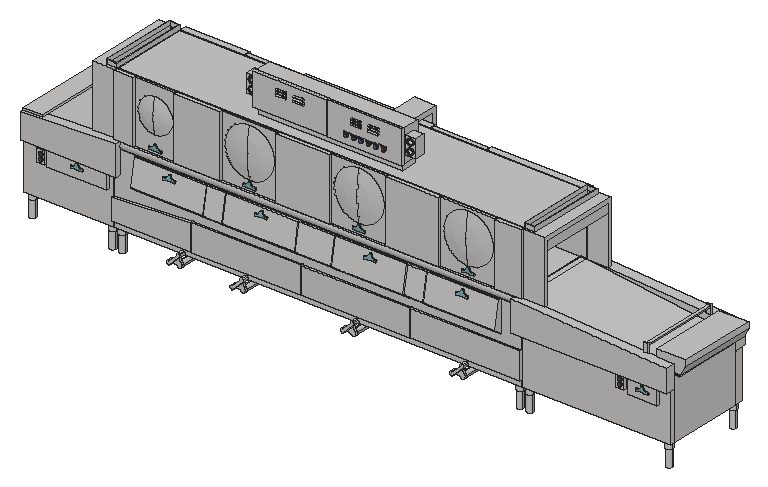
Revit family
Parameters (values of type "208/60/3")
  Weight in Pounds = 0
  Waste Water Discharge Temperature [instance] = -459.67 °F
  Volts = 208 V
  Ventilation Remarks [instance] = ""
  Unload Ventilation Remarks [instance] = ""
  Unload Section Width [instance] = if(Custom Unload Width > 5' 0", Custom Unload Width, 5' 0")  # 5' - 0"
  Unload Removable Cover [instance] = yes
  Unload Exhaust Volume = 1000 CFM
  Unload Exhaust Vent Width = 0' - 4"
  Unload Exhaust Vent Depth = 2' - 7 1/4"
  Unload Exhaust Static Press [instance] = 0.00 in-wg
  Unload Exhaust RI Height [instance] = 0' - 0"
  Unload Exhaust Item Number [instance] = "-"
  Unload End Drain [instance] = no
  URL Cutsheet = ""
  URL = "www.stero.com"
  Swing Doors [instance] = no
  Steam Supply Volume [instance] = 0.00 GPM
  Steam Supply Size = 2"
  Steam Supply RI Height [instance] = 0' - 0"
  Steam Supply Minimum Pressure = 15.00 psi
  Steam Supply Maximum Pressure = 40.00 psi
  Steam Supply Connection Height = 0' - 6"
  Steam Pounds per Hour [instance] = if(Booster Heater, 405, 225)  # 225
  Status [instance] = ""
  Standard Doors [instance] = not(Swing Doors)  # yes
  Specification by User [instance] = ""
  Specification by Manufacturer [instance] = ""
  Serial Number [instance] = ""
  Seismic Rating [instance] = ""
  Revision Code [instance] = ""
  Power Wash Width = 3' - 8"  # constant formula
  Power Wash Door [instance] = if(Swing Doors, 3' 0", 1' 10 1/2")  # 1' - 10 1/2"
  Power Scrapper Width = 2' - 8"  # constant formula
  Power Scrapper Door [instance] = if(Swing Doors, 1' 6", 1' 4 1/4")  # 1' - 4 1/4"
  Power Rinse Door [instance] = if(Swing Doors, 3' 0", 1' 10 1/2")  # 1' - 10 1/2"
  Plumbing Remarks [instance] = ""
  Plumbing Connection Type [instance] = ""
  Phase = 3
  ONOFF Switch [instance] = if([30 inch Load], 0' 0", 0' 6")  # 0' - 6"
  Number of Poles [instance] = 3
  No Booster Heater [instance] = not(Booster Heater)  # yes
  NAFEM Spec ID Number [instance] = ""
  Model = "STPCW-ER 164S"
  Mechanical Remarks [instance] = ""
  Mechanical Connection Type [instance] = ""
  Masterspec [instance] = ""
  Manufacturer = "Stero"
  Load Section Width [instance] = if([30 inch Load], 2' 6 1/8", if([36 inch Load], 3' 0 1/8", if([48 inch Load], 4' 0 1/8", (Custom Load Width + 0' 0 1/8"))))  # 3' - 0 1/8"
  Load End Drain [instance] = not(Unload End Drain)  # yes
  Item Number [instance] = "-"
  Installed By [instance] = ""
  Indirect Waste Size = 2"
  Indirect Waste Flow [instance] = 0.00 GPM
  Indirect Waste Connection Type [instance] = ""
  Indirect Waste Connection Height = 0' - 7"
  Hot Water Temperature = 140 °F
  Hot Water Size = 1"
  Hot Water RI Height [instance] = 0' - 0"
  Hot Water Minimum Pressure = 20.00 psi
  Hot Water Maximum Pressure = 20.00 psi
  Hot Water Flow [instance] = 0.00 GPM
  Hot Water Consumption = 1.63 GPM
  Hot Water Connection Height = 0' - 6"
  HP = "11"
  Furnished By [instance] = ""
  Foodservice Equipment Identifier [instance] = yes
  Final Rinse Width = 3' - 8"  # constant formula
  Final Rinse 2 Width = 3' - 8"  # constant formula
  FL Amps = 43.1 A
  Exhaust Volume = 500 CFM
  Exhaust Vent Width = 0' - 4"
  Exhaust Vent Depth = 2' - 7 1/4"
  Exhaust Static Press [instance] = 0.00 in-wg
  Exhaust RI Height [instance] = 0' - 0"
  Electrical Remarks [instance] = ""
  Electric Connection Type [instance] = ""
  Elec Conn RI Height [instance] = 0' - 0"
  Elec Conn Connection Height = 6' - 6"
  Description = "Flight Type Dishwasher"
  Depth = 3' - 6"
  Cycle = 60 Hz
  Custom Unload Width [instance] = 5' - 0"
  Custom Load Width [instance] = 4' - 6"
  Conn Conduit = yes
  Condensate Return Size = 3/4"
  Condensate Return RI Height [instance] = 0' - 0"
  Condensate Return Connection Height = 0' - 6"
  Cold Water Temperature Recommended [instance] = -459.67 °F
  Cold Water Size [instance] = if(Cold Water Aqua Stat, 0' 0 3/4", 0' 0")  # 0"
  Cold Water RI Height [instance] = 0' - 0"
  Cold Water Minimum Pressure [instance] = 0.00 psi
  Cold Water Maximum Pressure [instance] = 0.00 psi
  Cold Water Flow [instance] = 0.00 GPM
  Cold Water Consumption [instance] = ""
  Cold Water Connection Height [instance] = if(Cold Water Aqua Stat, 0' 6", 0' 0")  # 0' - 0"
  Cold Water Aqua Stat [instance] = no
  CSI MasterFormat = "11 48 13"
  Booster Heater [instance] = no
  Boosted Plumbing Remarks [instance] = ""
  Boosted Hot Water Temperature = 180 °F
  Boosted Hot Water Size = 3/4"
  Boosted Hot Water RI Height [instance] = 0' - 0"
  Boosted Hot Water Minimum Pressure = 20.00 psi
  Boosted Hot Water Maximum Pressure = 20.00 psi
  Boosted Hot Water Flow [instance] = 0.00 GPM
  Boosted Hot Water Consumption = 1.63 GPM
  Boosted Hot Water Connection Height = 0' - 6"
  Boosted HW Item Number [instance] = "-"
  Assembly Code = "E1090320"
  Apparent Power = if(Phase = 3, Volts * FL Amps * 1.73, Volts * FL Amps)  # 15509.1 VA
  48 inch Load [instance] = no
  36 inch Load [instance] = yes
  30 inch Load [instance] = no
Reference planes (in)
  plane 1 "BACK": y = 0
  plane 2: z = 0
  plane 3 "LEFT": x = -21.27862
  plane 4 "RIGHT": x = 142.72138
  plane 5 "FRONT": y = -42
  plane 6 "Right of Power Scrapper": x = 10.72138
  plane 7 "Right of Power Wash": x = 54.72138
  plane 8 "Load Vent": x = -30.27862
  plane 9 "Unload Vent": x = 151.72138
  plane 10 "Top of Machine": z = 65.5
  plane 11 "Table Height": z = 34
  plane 12 "Bottom of Machine": z = 9
  plane 13 "Middle of Machine": z = 40.625
  plane 14 "Left of Bottom": x = -18.77862
  plane 15 "Right of Bottom": x = 140.22138
  plane 16: z = 38.125
  plane 17: z = 37.75
  plane 18: z = 24.5
  plane 19: z = 22.25
  plane 20: z = 11.5
  plane 21 "Back of Main Body": y = -3
  plane 22 "Front of Main Body": y = -39
  plane 23: x = -5.27862
  plane 24: x = 32.72138
  plane 25: x = 98.72138
  plane 26: x = -13.52862
  plane 27: x = 2.72138
  plane 28: x = 21.47138
  plane 29: x = 43.97138
  plane 30 "Front of Inside": y = -37.25
  plane 31 "Back of Inside": y = -6
  plane 32: x = 4.47138
  plane 33: x = 26.97138
  plane 34: x = -12.27862
  plane 35: x = 16.72138
  plane 36: x = 24.72138
  plane 37: x = 53.72138
  plane 38: x = 16.97138
  plane 39: x = 24.47138
  plane 40: x = 53.97138
  plane 41: x = 10.59638
  plane 42: x = 10.84638
  plane 43: x = 54.59638
  plane 44: x = 54.84638
  plane 45: z = 60.25
  plane 46: z = 67.25
  plane 47: x = -21.40362
  plane 48: x = -25.40362
  plane 49: x = 146.84638
  plane 50: x = 142.84638
  plane 51: x = -57.40362
  plane 52: x = -59.90362
  plane 53: x = -58.40362
  plane 54: x = -49.40362
  plane 55: z = 28.5
  plane 56: z = 28
  plane 57: z = 22
  plane 58: x = -47.40362
  plane 59: x = -23.40362
  plane 60: x = -48.40362
  plane 61: x = -51.40362
  plane 62: x = 202.72138
  plane 63: x = 203.72138
  plane 64: x = 205.22138
  plane 65: x = 207.72138
  plane 66: x = 195.72138
  plane 67: x = 191.72138
  plane 68: x = 198.22138
  plane 69: x = 186.22138
  plane 70: x = 184.72138
  plane 71: x = 181.72138
  plane 72: y = -32.5
  plane 73: y = -26.5
  plane 74: x = 31.72138
  plane 75: x = 89.72138
  plane 76: z = 68.5
  plane 77: z = 71.375
  plane 78: z = 78.625
  plane 79: z = 81.5
  plane 80: x = 60.72138
  plane 81: x = 60.59638
  plane 82: x = 60.84638
  plane 83: x = 30.72138
  plane 84: x = 90.72138
  plane 85: x = 94.72138
  plane 86: x = 26.72138
  plane 87 "Back of Elec Box": y = -26
  plane 88: y = -33
  plane 89 "Front of Panel": y = -34
  plane 90: z = 68.25
  plane 91: z = 81.25
  plane 92: x = 30.97138
  plane 93 "Right of Control Box": x = 90.47138
  plane 94 "Front of LR Panels": y = -32.25
  plane 95: y = -28.25
  plane 96 "Drain": z = 7
  plane 97 "Left Drain": x = -39.90362
  plane 98 "Right Drain": x = 195.72138
  plane 99 "Drain CL": y = -20.25
  plane 100 "Utilities": z = 6
  plane 101 "Cold Water": x = -31.27862
  plane 102 "Utility to Machine": y = -16.75
  plane 103 "Utilities Point of Connection": y = -8.5
  plane 104 "Building Hot Water": x = 178.72138
  plane 105: x = -13.27862
  plane 106: x = 2.59638
  plane 107: x = 1.28388
  plane 108: x = 21.72138
  plane 109: x = 32.65888
  plane 110: x = 32.78388
  plane 111: x = 43.72138
  plane 112: x = 34.15888
  plane 113: x = 31.28388
  plane 114 "Standard Door Clearance": z = 93.5
  plane 115: x = 166.72138
  plane 116: x = 76.72138
  plane 117: x = 120.72138
  plane 118: x = 65.47138
  plane 119: x = 87.97138
  plane 120: x = 65.72138
  plane 121: x = 76.65888
  plane 122: x = 76.78388
  plane 123: x = 87.72138
  plane 124: x = 78.15888
  plane 125: x = 75.28388
  plane 126: x = 98.59638
  plane 127: x = 98.84638
  plane 128: x = 109.47138
  plane 129: x = 131.97138
  plane 130: x = 109.72138
  plane 131: x = 120.65888
  plane 132: x = 120.78388
  plane 133: x = 131.72138
  plane 134: x = 122.15888
  plane 135: x = 119.28388
  plane 136: x = 68.59638
  plane 137: x = 68.34638
  plane 138: x = 97.59638
  plane 139: x = 97.84638
  plane 140: x = 105.59638
  plane 141: x = 105.34638
  plane 142: x = 134.59638
  plane 143: x = 101.97138
  plane 144: x = 70.97138
  plane 145: x = 79.47138
  plane 146: x = 101.97138
  plane 147: x = 172.72138
Forms (in)
  Extrusion 1, solid, material "QF_Finishes_Stainless Steel"
    sketch origin (0, -39, 0) x (1, 0, 0) y (0, 0, 1)
      loop
        line (-21.27862, 9) -> (142.72138, 9) -> (142.72138, 28.5) -> (140.22138, 28.5) -> (140.22138, 38.125) -> (-18.77862, 38.125) -> (-18.77862, 28.5) -> (-21.27862, 28.5) -> (-21.27862, 9)
    from 0 to -36
  Extrusion 2, solid, material "QF_Finishes_Stainless Steel"
    sketch origin (-18.77862, 0, 0) x (0, 1, 0) y (0, 0, 1)
      loop
        line (-3, 40.625) -> (-39, 40.625)
        arc (-39, 40.625) -> (-39.43875, 39.375) -> (-39, 38.125) r 2
        line (-39, 38.125) -> (-3, 38.125) -> (-3, 40.625)
    from 0 to 159
  Extrusion 3, solid, material "QF_Finishes_Stainless Steel"
    sketch origin (0, 0, 65.5) x (0, 1, 0) y (-1, 0, 0)
      loop
        line (-37.25, 21.27862) -> (-39, 21.27862) -> (-39, 13.52862) -> (-37.25, 13.52862) -> (-37.25, 21.27862)
    from 0 to -24.875
  Extrusion 4, solid, material "QF_Finishes_Stainless Steel"
    sketch origin (0, 0, 65.5) x (0, 1, 0) y (-1, 0, 0)
      loop
        line (-37.25, -2.72138) -> (-39, -2.72138) -> (-39, -21.47138) -> (-37.25, -21.47138) -> (-37.25, -2.72138)
    from 0 to -24.875
  Extrusion 5, solid, material "QF_Finishes_Stainless Steel"
    sketch origin (0, 0, 65.5) x (0, 1, 0) y (-1, 0, 0)
      loop
        line (-37.25, -43.97138) -> (-39, -43.97138) -> (-39, -65.47138) -> (-37.25, -65.47138) -> (-37.25, -43.97138)
    from 0 to -24.875
  Extrusion 6, solid, material "QF_Finishes_Stainless Steel"
    sketch origin (0, 0, 65.5) x (0, 1, 0) y (-1, 0, 0)
      loop
        line (-37.25, -131.97138) -> (-39, -131.97138) -> (-39, -142.72138) -> (-37.25, -142.72138) -> (-37.25, -131.97138)
    from 0 to -24.875
  Extrusion 7, solid, material "QF_Finishes_Stainless Steel"
    sketch origin (0, 0, 65.5) x (0, 1, 0) y (-1, 0, 0)
      loop
        line (-3, 21.27862) -> (-6, 21.27862) -> (-6, -4.47138) -> (-3, -4.47138) -> (-3, 21.27862)
    from 0 to -24.875
  Extrusion 8, solid, material "QF_Finishes_Stainless Steel"
    sketch origin (0, 0, 65.5) x (0, 1, 0) y (-1, 0, 0)
      loop
        line (-3, -101.97138) -> (-6, -101.97138) -> (-6, -142.72138) -> (-3, -142.72138) -> (-3, -101.97138)
    from 0 to -24.875
  Extrusion 9, solid, material "QF_Finishes_Stainless Steel"
    sketch origin (0, 0, 65.5) x (0, 1, 0) y (-1, 0, 0)
      loop
        line (-37.25, 13.52862) -> (-38.25, 13.52862) -> (-38.25, -2.72138) -> (-37.25, -2.72138) -> (-37.25, 13.52862)
    from 0 to -24.875
  Extrusion 10, solid, material "QF_Finishes_Stainless Steel"
    sketch origin (0, 0, 65.5) x (0, 1, 0) y (-1, 0, 0)
      loop
        line (-37.25, -21.47138) -> (-38.25, -21.47138) -> (-38.25, -43.97138) -> (-37.25, -43.97138) -> (-37.25, -21.47138)
    from 0 to -24.875
  Extrusion 11, solid, material "QF_Finishes_Stainless Steel"
    sketch origin (-18.75, 0, 65.5) x (0, 1, 0) y (-1, 0, 0)
      loop
        line (-4, -23.22138) -> (-6, -23.22138) -> (-6, -45.72138) -> (-4, -45.72138) -> (-4, -23.22138)
    from 0 to -24.875
  Revolve 12, solid, material "QF_Finishes_Stainless Steel", visible <- "Standard Doors"
    sketch origin (32.72138, 87.64484, 48) x (0, 1, 0) y (0, 0, 1)
      loop
        line (-125.89484, 6.49826) -> (-125.89484, 16.49826)
        arc (-125.89484, 16.49826) -> (-126.65727, 11.52451) -> (-126.89484, 6.49826) r 48
        line (-126.89484, 6.49826) -> (-125.89484, 6.49826)
      axis (-125.89484, 6.49826) -> (-126.89484, 6.49826)
    angle from 0 to 360
  Extrusion 13, solid, material "QF_Finishes_Light Blue", visible <- "Standard Doors"
    sketch origin (-33.60634, -38.75, 10.99826) x (-1, 0, 0) y (0, 0, 1)
      loop
        line (-27.71645, 30.65632) -> (-26.08461, 30.57309)
        arc (-26.08461, 30.57309) -> (-25.90443, 30.64773) -> (-25.82979, 30.82792) r 0.25483
        line (-25.82979, 30.82792) -> (-25.82979, 31.31285)
        arc (-25.82979, 31.31285) -> (-25.90343, 31.49062) -> (-26.08121, 31.56426) r 0.25142
        arc (-26.08121, 31.56426) -> (-27.22593, 31.7803) -> (-27.90311, 32.72819) r 1.56264
        arc (-27.90311, 32.72819) -> (-28.31726, 33.06213) -> (-28.74741, 32.74907) r 0.43733
        arc (-28.74741, 32.74907) -> (-29.42049, 31.78611) -> (-30.57423, 31.56426) r 1.56264
        arc (-30.57423, 31.56426) -> (-30.75201, 31.49062) -> (-30.82565, 31.31285) r 0.25142
        line (-30.82565, 31.31285) -> (-30.82565, 30.82792)
        arc (-30.82565, 30.82792) -> (-30.75101, 30.64773) -> (-30.57082, 30.57309) r 0.25483
        line (-30.57082, 30.57309) -> (-28.93898, 30.65632)
        arc (-28.93898, 30.65632) -> (-28.32772, 30.6719) -> (-27.71645, 30.65632) r 12
    from 0.5 to 0.4375
  Revolve 14, solid, material "QF_Finishes_Stainless Steel", visible <- "Standard Doors"
    sketch origin (-5.27862, 60.79026, 48) x (0, 1, 0) y (0, 0, 1)
      loop
        line (-99.04026, 6.42888) -> (-99.04026, 13.42888)
        arc (-99.04026, 13.42888) -> (-99.77934, 9.96304) -> (-100.04026, 6.42888) r 26
        line (-100.04026, 6.42888) -> (-99.04026, 6.42888)
      axis (-99.04026, 6.42888) -> (-100.04026, 6.42888)
    angle from 0 to 360
  Revolve 15, solid, material "QF_Finishes_Stainless Steel", visible <- "Standard Doors"
    sketch origin (15.72138, -129.89484, 48) x (0, -1, 0) y (0, 0, -1)
      loop
        line (-125.89484, -6.49826) -> (-126.89484, -6.49826)
        arc (-126.89484, -6.49826) -> (-126.65727, -11.52451) -> (-125.89484, -16.49826) r 48
        line (-125.89484, -16.49826) -> (-125.89484, -6.49826)
      axis (-125.89484, -6.49826) -> (-126.89484, -6.49826)
    angle from 0 to 360
  Extrusion 16, solid, material "QF_Finishes_Stainless Steel"
    sketch origin (-18.77862, 0, 0) x (0, 1, 0) y (0, 0, 1)
      loop
        line (-39, 37.75) -> (-40, 37.75) -> (-42, 27.5) -> (-39, 25.1875) -> (-39, 37.75)
    from 6.5 to 35.5
  Extrusion 17, solid, material "QF_Finishes_Stainless Steel"
    sketch origin (5.47138, 0, 0) x (0, 1, 0) y (0, 0, 1)
      loop
        line (-39, 37.75) -> (-40, 37.75) -> (-42, 27.5) -> (-39, 25.1875) -> (-39, 37.75)
    from 11.5 to 19
  Extrusion 18, solid, material "QF_Finishes_Stainless Steel"
    sketch origin (10.22138, 0, 0) x (0, 1, 0) y (0, 0, 1)
      loop
        line (-39, 37.75) -> (-40, 37.75) -> (-42, 27.5) -> (-39, 25.1875) -> (-39, 37.75)
    from 14.5 to 43.5
  Extrusion 19, solid, material "QF_Finishes_Stainless Steel"
    sketch origin (34.47138, 0, 0) x (0, 1, 0) y (0, 0, 1)
      loop
        line (-39, 37.75) -> (-40, 37.75) -> (-42, 27.5) -> (-39, 25.1875) -> (-39, 37.75)
    from 19.5 to 33.875
  Extrusion 20, solid, material "QF_Finishes_Stainless Steel"
    sketch origin (39.47138, 0, 0) x (0, 1, 0) y (0, 0, 1)
      loop
        line (-39, 37.75) -> (-40, 37.75) -> (-42, 27.5) -> (-39, 25.1875) -> (-39, 37.75)
    from 29.125 to 58.125
  Extrusion 21, solid, material "QF_Finishes_Stainless Steel"
    sketch origin (0, -39, 0) x (1, 0, 0) y (0, 0, 1)
      loop
        line (-21.27862, 11.5) -> (10.59638, 11.5) -> (10.59638, 22.25) -> (-21.27862, 20.375) -> (-21.27862, 11.5)
    from 0 to 1
  Extrusion 22, solid, material "QF_Finishes_Stainless Steel"
    sketch origin (0, -39, 0) x (1, 0, 0) y (0, 0, 1)
      loop
        line (10.84638, 22.25) -> (10.84638, 11.5) -> (54.59638, 11.5) -> (54.59638, 22.25) -> (10.84638, 22.25)
    from 0 to 1
  Extrusion 23, solid, material "QF_Finishes_Stainless Steel"
    sketch origin (0, -39, 0) x (1, 0, 0) y (0, 0, 1)
      loop
        line (54.84638, 22.25) -> (54.84638, 11.5) -> (98.59638, 11.5) -> (98.59638, 22.25) -> (54.84638, 22.25)
    from 0 to 1
  Extrusion 24, solid, material "QF_Finishes_Stainless Steel"
    sketch origin (0, 0, 65.5) x (0, 1, 0) y (-1, 0, 0)
      loop
        line (-6, 21.27862) -> (-37.25, 21.27862) -> (-37.25, -142.72138) -> (-6, -142.72138) -> (-6, 21.27862)
    from 0 to -5.25
  Extrusion 25, solid, material "QF_Finishes_Stainless Steel"
    sketch origin (-21.27862, 0, 0) x (0, 1, 0) y (0, 0, 1)
      loop
        line (-5, 65.5) -> (-38.25, 65.5) -> (-38.25, 40.625) -> (-37.25, 40.625) -> (-37.25, 64.125) -> (-6, 64.125) -> (-6, 40.625) -> (-5, 40.625) -> (-5, 65.5)
    from 0 to -9
  Extrusion 26, solid, material "QF_Finishes_Stainless Steel"
    sketch origin (0, 0, 65.5) x (0, 1, 0) y (-1, 0, 0)
      loop
        line (-6, 25.40362) -> (-37.25, 25.40362) -> (-37.25, 21.40362) -> (-6, 21.40362) -> (-6, 25.40362)
      loop
        line (-5.875, 25.52862) -> (-37.375, 25.52862) -> (-37.375, 21.27862) -> (-5.875, 21.27862) -> (-5.875, 25.52862)
    from 0 to 1.75
  Extrusion 27, solid, material "QF_Finishes_Stainless Steel"
    sketch origin (-30.27862, 0, 0) x (0, 1, 0) y (0, 0, 1)
      loop
        line (-6, 64.125) -> (-37.25, 64.125) -> (-37.25, 60.25) -> (-6, 60.25) -> (-6, 64.125)
    from 0 to 1
  Extrusion 28, void
    sketch origin (0, 0, 65.5) x (0, 1, 0) y (-1, 0, 0)
      loop
        line (-6, 25.40362) -> (-37.25, 25.40362) -> (-37.25, 21.40362) -> (-6, 21.40362) -> (-6, 25.40362)
    from 0 to -1.375
  Extrusion 29, solid, material "QF_Finishes_Stainless Steel"
    sketch origin (142.72138, 0, 0) x (0, 1, 0) y (0, 0, 1)
      loop
        line (-5, 40.625) -> (-5, 65.5) -> (-38.25, 65.5) -> (-38.25, 40.625) -> (-37.25, 40.625) -> (-37.25, 64.125) -> (-6, 64.125) -> (-6, 40.625) -> (-5, 40.625)
    from 0 to 9
  Extrusion 30, solid, material "QF_Finishes_Stainless Steel"
    sketch origin (53.44275, 0, 65.5) x (0, 1, 0) y (-1, 0, 0)
      loop
        line (-6, -93.40362) -> (-6, -89.40362) -> (-37.25, -89.40362) -> (-37.25, -93.40362) -> (-6, -93.40362)
      loop
        line (-5.875, -93.52862) -> (-5.875, -89.27862) -> (-37.375, -89.27862) -> (-37.375, -93.52862) -> (-5.875, -93.52862)
    from 0 to 1.75
  Extrusion 31, solid, material "QF_Finishes_Stainless Steel"
    sketch origin (151.72138, 0, 0) x (0, 1, 0) y (0, 0, 1)
      loop
        line (-6, 64.125) -> (-37.25, 64.125) -> (-37.25, 60.25) -> (-6, 60.25) -> (-6, 64.125)
    from 0 to -1
  Extrusion 32, void
    sketch origin (0, 0, 65.5) x (0, 1, 0) y (-1, 0, 0)
      loop
        line (-37.25, -146.84638) -> (-6, -146.84638) -> (-6, -142.84638) -> (-37.25, -142.84638) -> (-37.25, -146.84638)
    from 0 to -1.375
  Extrusion 33, solid, material "QF_Finishes_Light Blue", visible <- "Standard Doors"
    sketch origin (4.39366, -38.75, 10.99826) x (-1, 0, 0) y (0, 0, 1)
      loop
        line (-27.71645, 30.65632) -> (-26.08461, 30.57309)
        arc (-26.08461, 30.57309) -> (-25.90443, 30.64773) -> (-25.82979, 30.82792) r 0.25483
        line (-25.82979, 30.82792) -> (-25.82979, 31.31285)
        arc (-25.82979, 31.31285) -> (-25.90343, 31.49062) -> (-26.08121, 31.56426) r 0.25142
        arc (-26.08121, 31.56426) -> (-27.22593, 31.7803) -> (-27.90311, 32.72819) r 1.56264
        arc (-27.90311, 32.72819) -> (-28.31726, 33.06213) -> (-28.74741, 32.74907) r 0.43733
        arc (-28.74741, 32.74907) -> (-29.42049, 31.78611) -> (-30.57423, 31.56426) r 1.56264
        arc (-30.57423, 31.56426) -> (-30.75201, 31.49062) -> (-30.82565, 31.31285) r 0.25142
        line (-30.82565, 31.31285) -> (-30.82565, 30.82792)
        arc (-30.82565, 30.82792) -> (-30.75101, 30.64773) -> (-30.57082, 30.57309) r 0.25483
        line (-30.57082, 30.57309) -> (-28.93898, 30.65632)
        arc (-28.93898, 30.65632) -> (-28.32772, 30.6719) -> (-27.71645, 30.65632) r 12
    from 0.5 to 0.4375
  Extrusion 34, solid, material "QF_Finishes_Light Blue", visible <- "Standard Doors"
    sketch origin (-12.60634, -3.5, 10.99826) x (-1, 0, 0) y (0, 0, -1)
      loop
        arc (-27.71645, -30.65632) -> (-28.32772, -30.6719) -> (-28.93898, -30.65632) r 12
        line (-28.93898, -30.65632) -> (-30.57082, -30.57309)
        arc (-30.57082, -30.57309) -> (-30.75101, -30.64773) -> (-30.82565, -30.82792) r 0.25483
        line (-30.82565, -30.82792) -> (-30.82565, -31.31285)
        arc (-30.82565, -31.31285) -> (-30.75201, -31.49062) -> (-30.57423, -31.56426) r 0.25142
        arc (-30.57423, -31.56426) -> (-29.42049, -31.78611) -> (-28.74741, -32.74907) r 1.56264
        arc (-28.74741, -32.74907) -> (-28.31726, -33.06213) -> (-27.90311, -32.72819) r 0.43733
        arc (-27.90311, -32.72819) -> (-27.22593, -31.7803) -> (-26.08121, -31.56426) r 1.56264
        arc (-26.08121, -31.56426) -> (-25.90343, -31.49062) -> (-25.82979, -31.31285) r 0.25142
        line (-25.82979, -31.31285) -> (-25.82979, -30.82792)
        arc (-25.82979, -30.82792) -> (-25.90443, -30.64773) -> (-26.08461, -30.57309) r 0.25483
        line (-26.08461, -30.57309) -> (-27.71645, -30.65632)
    from 0.5 to 0.4375
  Extrusion 35, solid, material "QF_Finishes_Light Blue"
    sketch origin (40.64366, -47.17361, 4.34597) x (-1, 0, 0) y (0, 0.195946, 0.980615)
      loop
        line (-41.85191, 30.65632) -> (-40.22007, 30.57309)
        arc (-40.22007, 30.57309) -> (-40.03988, 30.64773) -> (-39.96525, 30.82792) r 0.25483
        line (-39.96525, 30.82792) -> (-39.96525, 31.31285)
        arc (-39.96525, 31.31285) -> (-40.03889, 31.49062) -> (-40.21666, 31.56426) r 0.25142
        arc (-40.21666, 31.56426) -> (-41.36139, 31.7803) -> (-42.03857, 32.72819) r 1.56264
        arc (-42.03857, 32.72819) -> (-42.45272, 33.06213) -> (-42.88287, 32.74907) r 0.43733
        arc (-42.88287, 32.74907) -> (-43.55595, 31.78611) -> (-44.70969, 31.56426) r 1.56264
        arc (-44.70969, 31.56426) -> (-44.88747, 31.49062) -> (-44.96111, 31.31285) r 0.25142
        line (-44.96111, 31.31285) -> (-44.96111, 30.82792)
        arc (-44.96111, 30.82792) -> (-44.88647, 30.64773) -> (-44.70628, 30.57309) r 0.25483
        line (-44.70628, 30.57309) -> (-43.07444, 30.65632)
        arc (-43.07444, 30.65632) -> (-42.46318, 30.6719) -> (-41.85191, 30.65632) r 12
      loop
        line (2.0339, 30.65632) -> (3.66574, 30.57309)
        arc (3.66574, 30.57309) -> (3.84592, 30.64773) -> (3.92056, 30.82792) r 0.25483
        line (3.92056, 30.82792) -> (3.92056, 31.31285)
        arc (3.92056, 31.31285) -> (3.84692, 31.49062) -> (3.66915, 31.56426) r 0.25142
        arc (3.66915, 31.56426) -> (2.52442, 31.7803) -> (1.84724, 32.72819) r 1.56264
        arc (1.84724, 32.72819) -> (1.43309, 33.06213) -> (1.00294, 32.74907) r 0.43733
        arc (1.00294, 32.74907) -> (0.32986, 31.78611) -> (-0.82388, 31.56426) r 1.56264
        arc (-0.82388, 31.56426) -> (-1.00166, 31.49062) -> (-1.0753, 31.31285) r 0.25142
        line (-1.0753, 31.31285) -> (-1.0753, 30.82792)
        arc (-1.0753, 30.82792) -> (-1.00066, 30.64773) -> (-0.82047, 30.57309) r 0.25483
        line (-0.82047, 30.57309) -> (0.81137, 30.65632)
        arc (0.81137, 30.65632) -> (1.42263, 30.6719) -> (2.0339, 30.65632) r 12
      loop
        line (39.0339, 30.65632) -> (40.66574, 30.57309)
        arc (40.66574, 30.57309) -> (40.84592, 30.64773) -> (40.92056, 30.82792) r 0.25483
        line (40.92056, 30.82792) -> (40.92056, 31.31285)
        arc (40.92056, 31.31285) -> (40.84692, 31.49062) -> (40.66915, 31.56426) r 0.25142
        arc (40.66915, 31.56426) -> (39.52442, 31.7803) -> (38.84724, 32.72819) r 1.56264
        arc (38.84724, 32.72819) -> (38.43309, 33.06213) -> (38.00294, 32.74907) r 0.43733
        arc (38.00294, 32.74907) -> (37.32986, 31.78611) -> (36.17612, 31.56426) r 1.56264
        arc (36.17612, 31.56426) -> (35.99834, 31.49062) -> (35.9247, 31.31285) r 0.25142
        line (35.9247, 31.31285) -> (35.9247, 30.82792)
        arc (35.9247, 30.82792) -> (35.99934, 30.64773) -> (36.17953, 30.57309) r 0.25483
        line (36.17953, 30.57309) -> (37.81137, 30.65632)
        arc (37.81137, 30.65632) -> (38.42263, 30.6719) -> (39.0339, 30.65632) r 12
      loop
        line (-78.85191, 30.65632) -> (-77.22007, 30.57309)
        arc (-77.22007, 30.57309) -> (-77.03988, 30.64773) -> (-76.96525, 30.82792) r 0.25483
        line (-76.96525, 30.82792) -> (-76.96525, 31.31285)
        arc (-76.96525, 31.31285) -> (-77.03889, 31.49062) -> (-77.21666, 31.56426) r 0.25142
        arc (-77.21666, 31.56426) -> (-78.36139, 31.7803) -> (-79.03857, 32.72819) r 1.56264
        arc (-79.03857, 32.72819) -> (-79.45272, 33.06213) -> (-79.88287, 32.74907) r 0.43733
        arc (-79.88287, 32.74907) -> (-80.55595, 31.78611) -> (-81.70969, 31.56426) r 1.56264
        arc (-81.70969, 31.56426) -> (-81.88747, 31.49062) -> (-81.96111, 31.31285) r 0.25142
        line (-81.96111, 31.31285) -> (-81.96111, 30.82792)
        arc (-81.96111, 30.82792) -> (-81.88647, 30.64773) -> (-81.70628, 30.57309) r 0.25483
        line (-81.70628, 30.57309) -> (-80.07444, 30.65632)
        arc (-80.07444, 30.65632) -> (-79.46318, 30.6719) -> (-78.85191, 30.65632) r 12
    from 0.5 to 0.4375
  Extrusion 36, solid, material "QF_Finishes_Stainless Steel", not visible
    sketch origin (-18.77862, 0, 0) x (0, 1, 0) y (0, 0, 1)
      loop
        line (-39, 37.75) -> (-40, 37.75) -> (-42, 27.5) -> (-39, 25.1875) -> (-39, 37.75)
    from 6.5 to 35.5
  Extrusion 37, solid, material "QF_Finishes_Stainless Steel", not visible
    sketch origin (5.47138, 0, 0) x (0, 1, 0) y (0, 0, 1)
      loop
        line (-39, 37.75) -> (-40, 37.75) -> (-42, 27.5) -> (-39, 25.1875) -> (-39, 37.75)
    from 11.5 to 19
  Extrusion 38, solid, material "QF_Finishes_Stainless Steel", not visible
    sketch origin (10.22138, 0, 0) x (0, 1, 0) y (0, 0, 1)
      loop
        line (-39, 37.75) -> (-40, 37.75) -> (-42, 27.5) -> (-39, 25.1875) -> (-39, 37.75)
    from 14.5 to 43.5
  Extrusion 39, solid, material "QF_Finishes_Stainless Steel", not visible
    sketch origin (34.47138, 0, 0) x (0, 1, 0) y (0, 0, 1)
      loop
        line (-39, 37.75) -> (-40, 37.75) -> (-42, 27.5) -> (-39, 25.1875) -> (-39, 37.75)
    from 19.5 to 33.875
  Extrusion 40, solid, material "QF_Finishes_Stainless Steel", not visible
    sketch origin (39.47138, 0, 0) x (0, 1, 0) y (0, 0, 1)
      loop
        line (-39, 37.75) -> (-40, 37.75) -> (-42, 27.5) -> (-39, 25.1875) -> (-39, 37.75)
    from 29.125 to 58.125
  Extrusion 41, solid, material "QF_Finishes_Light Blue", not visible
    sketch origin (40.64366, -47.17361, 4.34597) x (-1, 0, 0) y (0, 0.195946, 0.980615)
      loop
        line (-41.85191, 30.65632) -> (-40.22007, 30.57309)
        arc (-40.22007, 30.57309) -> (-40.03988, 30.64773) -> (-39.96525, 30.82792) r 0.25483
        line (-39.96525, 30.82792) -> (-39.96525, 31.31285)
        arc (-39.96525, 31.31285) -> (-40.03889, 31.49062) -> (-40.21666, 31.56426) r 0.25142
        arc (-40.21666, 31.56426) -> (-41.36139, 31.7803) -> (-42.03857, 32.72819) r 1.56264
        arc (-42.03857, 32.72819) -> (-42.45272, 33.06213) -> (-42.88287, 32.74907) r 0.43733
        arc (-42.88287, 32.74907) -> (-43.55595, 31.78611) -> (-44.70969, 31.56426) r 1.56264
        arc (-44.70969, 31.56426) -> (-44.88747, 31.49062) -> (-44.96111, 31.31285) r 0.25142
        line (-44.96111, 31.31285) -> (-44.96111, 30.82792)
        arc (-44.96111, 30.82792) -> (-44.88647, 30.64773) -> (-44.70628, 30.57309) r 0.25483
        line (-44.70628, 30.57309) -> (-43.07444, 30.65632)
        arc (-43.07444, 30.65632) -> (-42.46318, 30.6719) -> (-41.85191, 30.65632) r 12
      loop
        line (2.0339, 30.65632) -> (3.66574, 30.57309)
        arc (3.66574, 30.57309) -> (3.84592, 30.64773) -> (3.92056, 30.82792) r 0.25483
        line (3.92056, 30.82792) -> (3.92056, 31.31285)
        arc (3.92056, 31.31285) -> (3.84692, 31.49062) -> (3.66915, 31.56426) r 0.25142
        arc (3.66915, 31.56426) -> (2.52442, 31.7803) -> (1.84724, 32.72819) r 1.56264
        arc (1.84724, 32.72819) -> (1.43309, 33.06213) -> (1.00294, 32.74907) r 0.43733
        arc (1.00294, 32.74907) -> (0.32986, 31.78611) -> (-0.82388, 31.56426) r 1.56264
        arc (-0.82388, 31.56426) -> (-1.00166, 31.49062) -> (-1.0753, 31.31285) r 0.25142
        line (-1.0753, 31.31285) -> (-1.0753, 30.82792)
        arc (-1.0753, 30.82792) -> (-1.00066, 30.64773) -> (-0.82047, 30.57309) r 0.25483
        line (-0.82047, 30.57309) -> (0.81137, 30.65632)
        arc (0.81137, 30.65632) -> (1.42263, 30.6719) -> (2.0339, 30.65632) r 12
      loop
        line (39.0339, 30.65632) -> (40.66574, 30.57309)
        arc (40.66574, 30.57309) -> (40.84592, 30.64773) -> (40.92056, 30.82792) r 0.25483
        line (40.92056, 30.82792) -> (40.92056, 31.31285)
        arc (40.92056, 31.31285) -> (40.84692, 31.49062) -> (40.66915, 31.56426) r 0.25142
        arc (40.66915, 31.56426) -> (39.52442, 31.7803) -> (38.84724, 32.72819) r 1.56264
        arc (38.84724, 32.72819) -> (38.43309, 33.06213) -> (38.00294, 32.74907) r 0.43733
        arc (38.00294, 32.74907) -> (37.32986, 31.78611) -> (36.17612, 31.56426) r 1.56264
        arc (36.17612, 31.56426) -> (35.99834, 31.49062) -> (35.9247, 31.31285) r 0.25142
        line (35.9247, 31.31285) -> (35.9247, 30.82792)
        arc (35.9247, 30.82792) -> (35.99934, 30.64773) -> (36.17953, 30.57309) r 0.25483
        line (36.17953, 30.57309) -> (37.81137, 30.65632)
        arc (37.81137, 30.65632) -> (38.42263, 30.6719) -> (39.0339, 30.65632) r 12
      loop
        line (-78.85191, 30.65632) -> (-77.22007, 30.57309)
        arc (-77.22007, 30.57309) -> (-77.03988, 30.64773) -> (-76.96525, 30.82792) r 0.25483
        line (-76.96525, 30.82792) -> (-76.96525, 31.31285)
        arc (-76.96525, 31.31285) -> (-77.03889, 31.49062) -> (-77.21666, 31.56426) r 0.25142
        arc (-77.21666, 31.56426) -> (-78.36139, 31.7803) -> (-79.03857, 32.72819) r 1.56264
        arc (-79.03857, 32.72819) -> (-79.45272, 33.06213) -> (-79.88287, 32.74907) r 0.43733
        arc (-79.88287, 32.74907) -> (-80.55595, 31.78611) -> (-81.70969, 31.56426) r 1.56264
        arc (-81.70969, 31.56426) -> (-81.88747, 31.49062) -> (-81.96111, 31.31285) r 0.25142
        line (-81.96111, 31.31285) -> (-81.96111, 30.82792)
        arc (-81.96111, 30.82792) -> (-81.88647, 30.64773) -> (-81.70628, 30.57309) r 0.25483
        line (-81.70628, 30.57309) -> (-80.07444, 30.65632)
        arc (-80.07444, 30.65632) -> (-79.46318, 30.6719) -> (-78.85191, 30.65632) r 12
    from 0.5 to 0.4375
  Extrusion 42, solid, material "QF_Finishes_Stainless Steel"
    sketch origin (0, -37.25, 0) x (1, 0, 0) y (0, 0, 1)
      loop
        line (-57.40362, 28.5) -> (-18.77862, 28.5) -> (-18.77862, 40.625) -> (-57.40362, 38.75) -> (-57.40362, 28.5)
    from 0 to 3.75
  Extrusion 43, solid, material "QF_Finishes_Stainless Steel"
    sketch origin (0, -6, 0) x (1, 0, 0) y (0, 0, 1)
      loop
        line (-57.40362, 28.5) -> (-18.77862, 28.5) -> (-18.77862, 40.625) -> (-57.40362, 38.75) -> (-57.40362, 28.5)
    from 0 to -4.5
  Extrusion 44, solid, material "QF_Finishes_Stainless Steel"
    sketch origin (0, -6, 0) x (1, 0, 0) y (0, 0, 1)
      loop
        line (-57.40362, 34) -> (-59.90362, 34) -> (-59.90362, 33.875) -> (-57.40362, 33.875) -> (-57.40362, 34)
    from 0 to 31.25
  Extrusion 45, solid, material "QF_Finishes_Stainless Steel"
    sketch origin (0, -6, 0) x (1, 0, 0) y (0, 0, 1)
      loop
        line (-57.40362, 33.875) -> (-58.40362, 33.875) -> (-58.40362, 32.5) -> (-57.40362, 32.5) -> (-57.40362, 33.875)
    from 3.5 to 29.25
  Extrusion 46, solid, material "QF_Finishes_Stainless Steel"
    sketch origin (0, -6, 0) x (1, 0, 0) y (0, 0, 1)
      loop
        line (-57.40362, 32) -> (-58.40362, 32) -> (-58.40362, 28) -> (-57.40362, 28) -> (-57.40362, 32)
    from 3.5 to 29.25
  Extrusion 47, solid, material "QF_Finishes_Stainless Steel"
    sketch origin (0, -6, 0) x (1, 0, 0) y (0, 0, 1)
      loop
        line (-18.77862, 40.625) -> (-21.27862, 40.625) -> (-57.40362, 34) -> (-57.40362, 9) -> (-21.27862, 9) -> (-21.27862, 28.5) -> (-18.77862, 28.5) -> (-18.77862, 40.625)
    from 0 to 31.25
  Extrusion 48, solid, material "QF_Finishes_Stainless Steel"
    sketch origin (0, -6, 0) x (1, 0, 0) y (0, 0, 1)
      loop
        line (-57.40362, 38.75) -> (-49.40362, 39.13835) -> (-49.40362, 39.88923) -> (-57.40362, 39.50088) -> (-57.40362, 38.75)
    from -2.625 to 33.875
  Extrusion 49, solid, material "QF_Finishes_Stainless Steel"
    sketch origin (0, -37.25, 0) x (1, 0, 0) y (0, 0, 1)
      loop
        line (-57.40362, 9) -> (-21.27862, 9) -> (-21.27862, 28.5) -> (-57.40362, 28.5) -> (-57.40362, 9)
    from 0 to 1.75
  Extrusion 50, solid, material "QF_Finishes_Stainless Steel"
    sketch origin (0, -6, 0) x (1, 0, 0) y (0, 0, 1)
      loop
        line (-57.40362, 28.5) -> (-57.40362, 9) -> (-21.27862, 9) -> (-21.27862, 28.5) -> (-57.40362, 28.5)
    from 0 to -3
  Extrusion 51, solid, material "QF_Finishes_Stainless Steel"
    sketch origin (0, -37.25, 0) x (1, 0, 0) y (0, 0, 1)
      loop
        line (-47.40362, 28) -> (-47.40362, 22) -> (-23.40362, 22) -> (-23.40362, 28) -> (-47.40362, 28)
    from 1.75 to 2.75
  Extrusion 52, solid, material "QF_Finishes_Light Blue"
    sketch origin (-63.60634, -40.5, -5.56213) x (-1, 0, 0) y (0, 0, 1)
      loop
        line (-27.5911, 30.65632) -> (-25.95926, 30.57309)
        arc (-25.95926, 30.57309) -> (-25.77908, 30.64773) -> (-25.70444, 30.82792) r 0.25483
        line (-25.70444, 30.82792) -> (-25.70444, 31.31285)
        arc (-25.70444, 31.31285) -> (-25.77808, 31.49062) -> (-25.95585, 31.56426) r 0.25142
        arc (-25.95585, 31.56426) -> (-27.10058, 31.7803) -> (-27.77776, 32.72819) r 1.56264
        arc (-27.77776, 32.72819) -> (-28.19191, 33.06213) -> (-28.62206, 32.74907) r 0.43733
        arc (-28.62206, 32.74907) -> (-29.29514, 31.78611) -> (-30.44888, 31.56426) r 1.56264
        arc (-30.44888, 31.56426) -> (-30.62666, 31.49062) -> (-30.7003, 31.31285) r 0.25142
        line (-30.7003, 31.31285) -> (-30.7003, 30.82792)
        arc (-30.7003, 30.82792) -> (-30.62566, 30.64773) -> (-30.44547, 30.57309) r 0.25483
        line (-30.44547, 30.57309) -> (-28.81363, 30.65632)
        arc (-28.81363, 30.65632) -> (-28.20237, 30.6719) -> (-27.5911, 30.65632) r 12
    from 0.5 to 0.4375
  Extrusion 53, solid, material "QF_Finishes_Stainless Steel"
    sketch origin (0, -37.25, 0) x (1, 0, 0) y (0, 0, 1)
      loop
        line (-48.40362, 22.25) -> (-48.40362, 27.25) -> (-51.40362, 27.25) -> (-51.40362, 22.25) -> (-48.40362, 22.25)
    from 1.75 to 2.75
  Extrusion 54, solid, material "QF_Finishes_Black"
    sketch origin (0, -37.25, 0) x (1, 0, 0) y (0, 0, 1)
      loop
        circle (-49.90362, 25.75) r 0.75
    from 2.75 to 2.8125
  Extrusion 55, solid, material "QF_Finishes_LED Red"
    sketch origin (0, -37.25, -2) x (1, 0, 0) y (0, 0, 1)
      loop
        circle (-49.90362, 25.75) r 0.75
    from 2.75 to 2.8125
  Extrusion 56, solid, material "QF_Finishes_Stainless Steel"
    sketch origin (101.31775, -37.25, 0) x (-1, 0, 0) y (0, 0, -1)
      loop
        line (-101.40362, -28.5) -> (-101.40362, -37.5) -> (-38.90362, -40.625) -> (-38.90362, -28.5) -> (-101.40362, -28.5)
    from 0 to 3.75
  Extrusion 57, solid, material "QF_Finishes_Stainless Steel"
    sketch origin (101.31775, -6, 0) x (-1, 0, 0) y (0, 0, -1)
      loop
        line (-101.40362, -28.5) -> (-101.40362, -37.5) -> (-38.90362, -40.625) -> (-38.90362, -28.5) -> (-101.40362, -28.5)
    from 0 to -4.5
  Extrusion 58, solid, material "QF_Finishes_Stainless Steel"
    sketch origin (101.31775, -6, 0) x (-1, 0, 0) y (0, 0, -1)
      loop
        line (-101.40362, -34) -> (-101.40362, -33.875) -> (-103.90362, -33.875) -> (-103.90362, -34) -> (-101.40362, -34)
    from 0 to 31.25
  Extrusion 59, solid, material "QF_Finishes_Stainless Steel"
    sketch origin (101.31775, -6, 0) x (-1, 0, 0) y (0, 0, -1)
      loop
        line (-101.40362, -33.875) -> (-101.40362, -32.5) -> (-102.40362, -32.5) -> (-102.40362, -33.875) -> (-101.40362, -33.875)
    from 3.5 to 29.25
  Extrusion 60, solid, material "QF_Finishes_Stainless Steel"
    sketch origin (101.31775, -6, 0) x (-1, 0, 0) y (0, 0, -1)
      loop
        line (-38.90362, -40.625) -> (-38.90362, -28.5) -> (-41.40362, -28.5) -> (-41.40362, -9) -> (-101.40362, -9) -> (-101.40362, -34) -> (-41.40362, -40.625) -> (-38.90362, -40.625)
    from 0 to 31.25
  Extrusion 61, solid, material "QF_Finishes_Stainless Steel"
    sketch origin (101.31775, -37.25, 0) x (-1, 0, 0) y (0, 0, -1)
      loop
        line (-101.40362, -9) -> (-101.40362, -28.5) -> (-41.40362, -28.5) -> (-41.40362, -9) -> (-101.40362, -9)
    from 0 to 1.75
  Extrusion 62, solid, material "QF_Finishes_Stainless Steel"
    sketch origin (101.31775, -6, 0) x (-1, 0, 0) y (0, 0, -1)
      loop
        line (-101.40362, -28.5) -> (-41.40362, -28.5) -> (-41.40362, -9) -> (-101.40362, -9) -> (-101.40362, -28.5)
    from 0 to -3
  Extrusion 63, solid, material "QF_Finishes_Stainless Steel", visible <- "Unload Removable Cover"
    sketch origin (0, -6, 0) x (1, 0, 0) y (0, 0, 1)
      loop
        line (207.72138, 40.625) -> (195.72138, 40.625) -> (195.72138, 34.5) -> (205.72138, 34.5) -> (207.72138, 38.125) -> (207.72138, 40.625)
    from 0 to 31.25
  Extrusion 64, solid, material "QF_Finishes_Stainless Steel"
    sketch origin (0, -6, 0) x (1, 0, 0) y (0, 0, 1)
      loop
        line (192.47138, 41.5) -> (190.97138, 41.5) -> (190.97138, 38.0875) -> (192.47138, 38.0125) -> (192.47138, 41.5)
    from 0 to -0.5
  Extrusion 65, solid, material "QF_Finishes_Stainless Steel"
    sketch origin (0, -37.25, 0) x (1, 0, 0) y (0, 0, 1)
      loop
        line (190.97138, 41.5) -> (190.97138, 38.0875) -> (192.47138, 38.0125) -> (192.47138, 41.5) -> (190.97138, 41.5)
    from 0 to 0.5
  Extrusion 66, solid, material "QF_Finishes_Stainless Steel"
    sketch origin (0, -6, 0) x (1, 0, 0) y (0, 0, 1)
      loop
        circle (191.72138, 40.75) r 0.5
    from 0 to 31.25
  Extrusion 67, solid, material "QF_Finishes_Stainless Steel"
    sketch origin (0, -37.25, 0) x (1, 0, 0) y (0, 0, 1)
      loop
        line (186.22138, 28) -> (186.22138, 22) -> (198.22138, 22) -> (198.22138, 28) -> (186.22138, 28)
    from 1.75 to 2.75
  Extrusion 68, solid, material "QF_Finishes_Light Blue"
    sketch origin (120.01866, -40.5, -6.06213) x (-1, 0, 0) y (0, 0, 1)
      loop
        line (-71.5911, 30.65632) -> (-69.95926, 30.57309)
        arc (-69.95926, 30.57309) -> (-69.77908, 30.64773) -> (-69.70444, 30.82792) r 0.25483
        line (-69.70444, 30.82792) -> (-69.70444, 31.31285)
        arc (-69.70444, 31.31285) -> (-69.77808, 31.49062) -> (-69.95585, 31.56426) r 0.25142
        arc (-69.95585, 31.56426) -> (-71.10058, 31.7803) -> (-71.77776, 32.72819) r 1.56264
        arc (-71.77776, 32.72819) -> (-72.19191, 33.06213) -> (-72.62206, 32.74907) r 0.43733
        arc (-72.62206, 32.74907) -> (-73.29514, 31.78611) -> (-74.44888, 31.56426) r 1.56264
        arc (-74.44888, 31.56426) -> (-74.62666, 31.49062) -> (-74.7003, 31.31285) r 0.25142
        line (-74.7003, 31.31285) -> (-74.7003, 30.82792)
        arc (-74.7003, 30.82792) -> (-74.62566, 30.64773) -> (-74.44547, 30.57309) r 0.25483
        line (-74.44547, 30.57309) -> (-72.81363, 30.65632)
        arc (-72.81363, 30.65632) -> (-72.20237, 30.6719) -> (-71.5911, 30.65632) r 12
    from 0.5 to 0.4375
  Extrusion 69, solid, material "QF_Finishes_Stainless Steel"
    sketch origin (189.125, -37.25, 0.75) x (1, 0, 0) y (0, 0, 1)
      loop
        line (-4.40362, 22.25) -> (-4.40362, 27.25) -> (-7.40362, 27.25) -> (-7.40362, 22.25) -> (-4.40362, 22.25)
    from 1.75 to 2.75
  Extrusion 70, solid, material "QF_Finishes_Black"
    sketch origin (189.125, -37.25, 0.75) x (1, 0, 0) y (0, 0, 1)
      loop
        circle (-5.90362, 25.75) r 0.75
    from 2.75 to 2.8125
  Extrusion 71, solid, material "QF_Finishes_LED Red"
    sketch origin (189.125, -37.25, -1.25) x (1, 0, 0) y (0, 0, 1)
      loop
        circle (-5.90362, 25.75) r 0.75
    from 2.75 to 2.8125
  Extrusion 72, solid, material "QF_Finishes_Stainless Steel"
    sketch origin (0, 0, 0) x (1, 0, 0) y (0, 1, 0)
      loop
        circle (-55.46612, -4.9375) r 1.1875
    from 0 to 6.75
  Extrusion 73, solid, material "QF_Finishes_Stainless Steel"
    sketch origin (0, 0, 0) x (1, 0, 0) y (0, 1, 0)
      loop
        circle (-55.46612, -4.9375) r 1.4375
    from 6.75 to 9
  Extrusion 74, solid, material "QF_Finishes_Stainless Steel"
    sketch origin (0, -30.25, 0) x (1, 0, 0) y (0, 1, 0)
      loop
        circle (-55.46612, -6.8125) r 1.1875
    from 0 to 6.75
  Extrusion 75, solid, material "QF_Finishes_Stainless Steel"
    sketch origin (0, -30.25, 0) x (1, 0, 0) y (0, 1, 0)
      loop
        circle (-55.46612, -6.8125) r 1.4375
    from 6.75 to 9
  Extrusion 76, solid, material "QF_Finishes_Stainless Steel"
    sketch origin (31.25, 0, 0) x (1, 0, 0) y (0, 1, 0)
      loop
        circle (-54.46612, -4.9375) r 1.1875
    from 0 to 6.75
  Extrusion 77, solid, material "QF_Finishes_Stainless Steel"
    sketch origin (31.25, 0, 0) x (1, 0, 0) y (0, 1, 0)
      loop
        circle (-54.46612, -4.9375) r 1.4375
    from 6.75 to 9
  Extrusion 78, solid, material "QF_Finishes_Stainless Steel"
    sketch origin (31.25, -30.25, 0) x (1, 0, 0) y (0, 1, 0)
      loop
        circle (-54.46612, -6.8125) r 1.1875
    from 0 to 6.75
  Extrusion 79, solid, material "QF_Finishes_Stainless Steel"
    sketch origin (31.25, -30.25, 0) x (1, 0, 0) y (0, 1, 0)
      loop
        circle (-54.46612, -6.8125) r 1.4375
    from 6.75 to 9
  Extrusion 80, solid, material "QF_Finishes_Stainless Steel"
    sketch origin (-73.80725, 0, 0) x (-1, 0, 0) y (0, -1, 0)
      loop
        circle (-54.46612, 4.9375) r 1.1875
    from 0 to 6.75
  Extrusion 81, solid, material "QF_Finishes_Stainless Steel"
    sketch origin (-73.80725, 0, 0) x (-1, 0, 0) y (0, -1, 0)
      loop
        circle (-54.46612, 4.9375) r 1.4375
    from 6.75 to 9
  Extrusion 82, solid, material "QF_Finishes_Stainless Steel"
    sketch origin (-73.80725, -30.25, 0) x (-1, 0, 0) y (0, -1, 0)
      loop
        circle (-54.46612, 6.8125) r 1.1875
    from 0 to 6.75
  Extrusion 83, solid, material "QF_Finishes_Stainless Steel"
    sketch origin (-73.80725, -30.25, 0) x (-1, 0, 0) y (0, -1, 0)
      loop
        circle (-54.46612, 6.8125) r 1.4375
    from 6.75 to 9
  Extrusion 84, solid, material "QF_Finishes_Stainless Steel"
    sketch origin (151.25, 0, 0) x (1, 0, 0) y (0, 1, 0)
      loop
        circle (-10.46612, -4.9375) r 1.1875
    from 0 to 6.75
  Extrusion 85, solid, material "QF_Finishes_Stainless Steel"
    sketch origin (151.25, 0, 0) x (1, 0, 0) y (0, 1, 0)
      loop
        circle (-10.46612, -4.9375) r 1.4375
    from 6.75 to 9
  Extrusion 86, solid, material "QF_Finishes_Stainless Steel"
    sketch origin (151.25, -30.25, 0) x (1, 0, 0) y (0, 1, 0)
      loop
        circle (-10.46612, -6.8125) r 1.1875
    from 0 to 6.75
  Extrusion 87, solid, material "QF_Finishes_Stainless Steel"
    sketch origin (151.25, -30.25, 0) x (1, 0, 0) y (0, 1, 0)
      loop
        circle (-10.46612, -6.8125) r 1.4375
    from 6.75 to 9
  Extrusion 88, solid, material "QF_Finishes_Stainless Steel"
    sketch origin (46.19275, 0, 0) x (-1, 0, 0) y (0, -1, 0)
      loop
        circle (-98.46612, 4.9375) r 1.1875
    from 0 to 6.75
  Extrusion 89, solid, material "QF_Finishes_Stainless Steel"
    sketch origin (46.19275, 0, 0) x (-1, 0, 0) y (0, -1, 0)
      loop
        circle (-98.46612, 4.9375) r 1.4375
    from 6.75 to 9
  Extrusion 90, solid, material "QF_Finishes_Stainless Steel"
    sketch origin (46.19275, -30.25, 0) x (-1, 0, 0) y (0, -1, 0)
      loop
        circle (-98.46612, 6.8125) r 1.1875
    from 0 to 6.75
  Extrusion 91, solid, material "QF_Finishes_Stainless Steel"
    sketch origin (46.19275, -30.25, 0) x (-1, 0, 0) y (0, -1, 0)
      loop
        circle (-98.46612, 6.8125) r 1.4375
    from 6.75 to 9
  Extrusion 92, solid, material "QF_Finishes_Stainless Steel"
    sketch origin (211.25, 0, 0) x (1, 0, 0) y (0, 1, 0)
      loop
        circle (-10.46612, -4.9375) r 1.1875
    from 0 to 6.75
  Extrusion 93, solid, material "QF_Finishes_Stainless Steel"
    sketch origin (211.25, 0, 0) x (1, 0, 0) y (0, 1, 0)
      loop
        circle (-10.46612, -4.9375) r 1.4375
    from 6.75 to 9
  Extrusion 94, solid, material "QF_Finishes_Stainless Steel"
    sketch origin (211.25, -30.25, 0) x (1, 0, 0) y (0, 1, 0)
      loop
        circle (-10.46612, -6.8125) r 1.1875
    from 0 to 6.75
  Extrusion 95, solid, material "QF_Finishes_Stainless Steel"
    sketch origin (211.25, -30.25, 0) x (1, 0, 0) y (0, 1, 0)
      loop
        circle (-10.46612, -6.8125) r 1.4375
    from 6.75 to 9
  Extrusion 96, solid, material "QF_Finishes_Stainless Steel"
    sketch origin (22, 0, 65.5) x (0, 1, 0) y (-1, 0, 0)
      loop
        line (-26.5, -9.72138) -> (-32.5, -9.72138) -> (-32.5, -67.72138) -> (-26.5, -67.72138) -> (-26.5, -9.72138)
    from 0 to 3
  Extrusion 97, solid, material "QF_Finishes_Stainless Steel"
    sketch origin (22, 0, 65.5) x (0, 1, 0) y (-1, 0, 0)
      loop
        line (-26, -8.97138) -> (-33, -8.97138) -> (-33, -68.47138) -> (-26, -68.47138) -> (-26, -8.97138)
    from 3 to 15.75
  Extrusion 98, solid, material "QF_Finishes_Stainless Steel"
    sketch origin (22, 0, 65.5) x (0, 1, 0) y (-1, 0, 0)
      loop
        line (-33, -8.72138) -> (-34, -8.72138) -> (-34, -38.59638) -> (-33, -38.59638) -> (-33, -8.72138)
    from 2.75 to 16
  Extrusion 99, solid, material "QF_Finishes_Stainless Steel"
    sketch origin (22, 0, 65.5) x (0, 1, 0) y (-1, 0, 0)
      loop
        line (-33, -38.84638) -> (-34, -38.84638) -> (-34, -68.72138) -> (-33, -68.72138) -> (-33, -38.84638)
    from 2.75 to 16
  Extrusion 100, solid, material "QF_Finishes_Stainless Steel"
    sketch origin (22, 0, 65.5) x (0, 1, 0) y (-1, 0, 0)
      loop
        line (-28.25, -4.72138) -> (-32.25, -4.72138) -> (-32.25, -8.97138) -> (-28.25, -8.97138) -> (-28.25, -4.72138)
    from 5.875 to 13.125
  Extrusion 101, solid, material "QF_Finishes_Stainless Steel"
    sketch origin (22, 0, 65.5) x (0, 1, 0) y (-1, 0, 0)
      loop
        line (-28.25, -68.47138) -> (-32.25, -68.47138) -> (-32.25, -72.72138) -> (-28.25, -72.72138) -> (-28.25, -68.47138)
    from 5.875 to 13.125
  Extrusion 102, solid, material "QF_Finishes_Black"
    sketch origin (22, -32.25, 0) x (1, 0, 0) y (0, 0, 1)
      loop
        circle (6.84638, 76.75) r 1.25
      loop
        circle (6.84638, 76.75) r 1
    from 0 to 0.25
  Extrusion 103, solid, material "QF_Finishes_White"
    sketch origin (22, -32.25, 0) x (1, 0, 0) y (0, 0, 1)
      loop
        circle (6.84638, 76.75) r 1
    from 0 to 0.0625
  Extrusion 104, solid, material "QF_Finishes_Black"
    sketch origin (55.66291, -34, -18.39967) x (1, 0, 0) y (0, 0, 1)
      loop
        line (19.62096, 91.02467) -> (17.62096, 91.02467) -> (17.62096, 90.77467) -> (19.62096, 90.77467) -> (19.62096, 91.02467)
      loop
        line (16.62096, 91.02467) -> (14.62096, 91.02467) -> (14.62096, 90.77467) -> (16.62096, 90.77467) -> (16.62096, 91.02467)
      loop
        line (20.62096, 91.02467) -> (20.62096, 90.77467) -> (22.62096, 90.77467) -> (22.62096, 91.02467) -> (20.62096, 91.02467)
      loop
        line (23.62096, 91.02467) -> (23.62096, 90.77467) -> (25.62096, 90.77467) -> (25.62096, 91.02467) -> (23.62096, 91.02467)
      loop
        line (13.62096, 91.02467) -> (11.62096, 91.02467) -> (11.62096, 90.77467) -> (13.62096, 90.77467) -> (13.62096, 91.02467)
      loop
        line (26.62096, 91.02467) -> (26.62096, 90.77467) -> (28.62096, 90.77467) -> (28.62096, 91.02467) -> (26.62096, 91.02467)
    from 0 to 0.25
  Extrusion 105, solid, material "QF_Finishes_Navy Blue"
    sketch origin (56.03783, -34, -18.39967) x (1, 0, 0) y (0, 0, 1)
      loop
        circle (15.24605, 89.89967) r 0.625
    from 0.125 to 0.375
  Extrusion 106, solid, material "QF_Finishes_Navy Blue"
    sketch origin (56.03783, -34, -18.39967) x (1, 0, 0) y (0, 0, 1)
      loop
        circle (18.24605, 89.89967) r 0.625
    from 0.125 to 0.375
  Extrusion 107, solid, material "QF_Finishes_LED Green"
    sketch origin (56.03783, -34, -18.39967) x (1, 0, 0) y (0, 0, 1)
      loop
        circle (21.24605, 89.89967) r 0.625
    from 0.125 to 0.375
  Extrusion 108, solid, material "QF_Finishes_Navy Blue"
    sketch origin (56.03783, -34, -18.39967) x (1, 0, 0) y (0, 0, 1)
      loop
        circle (24.24605, 89.89967) r 0.625
    from 0.125 to 0.375
  Extrusion 109, solid, material "QF_Finishes_Black"
    sketch origin (56.03783, -34, -18.39967) x (1, 0, 0) y (0, 0, 1)
      loop
        line (15.99605, 89.89967) -> (15.99605, 90.77467) -> (14.49605, 90.77467) -> (14.49605, 89.89967)
        arc (14.49605, 89.89967) -> (15.24605, 89.14967) -> (15.99605, 89.89967) r 0.75
      loop
        line (18.99605, 89.89967) -> (18.99605, 90.77467) -> (17.49605, 90.77467) -> (17.49605, 89.89967)
        arc (17.49605, 89.89967) -> (18.24605, 89.14967) -> (18.99605, 89.89967) r 0.75
      loop
        line (21.99605, 89.89967) -> (21.99605, 90.77467) -> (20.49605, 90.77467) -> (20.49605, 89.89967)
        arc (20.49605, 89.89967) -> (21.24605, 89.14967) -> (21.99605, 89.89967) r 0.75
      loop
        line (24.99605, 89.89967) -> (24.99605, 90.77467) -> (23.49605, 90.77467) -> (23.49605, 89.89967)
        arc (23.49605, 89.89967) -> (24.24605, 89.14967) -> (24.99605, 89.89967) r 0.75
      loop
        line (12.99605, 89.89967) -> (12.99605, 90.77467) -> (11.49605, 90.77467) -> (11.49605, 89.89967)
        arc (11.49605, 89.89967) -> (12.24605, 89.14967) -> (12.99605, 89.89967) r 0.75
      loop
        line (27.99605, 89.89967) -> (27.99605, 90.77467) -> (26.49605, 90.77467) -> (26.49605, 89.89967)
        arc (26.49605, 89.89967) -> (27.24605, 89.14967) -> (27.99605, 89.89967) r 0.75
    from 0 to 0.125
  Extrusion 110, solid, material "QF_Finishes_Black"
    sketch origin (22, -32.25, -3.5) x (1, 0, 0) y (0, 0, 1)
      loop
        circle (6.84638, 76.75) r 1.25
      loop
        circle (6.84638, 76.75) r 1
    from 0 to 0.25
  Extrusion 111, solid, material "QF_Finishes_White"
    sketch origin (22, -32.25, -3.5) x (1, 0, 0) y (0, 0, 1)
      loop
        circle (6.84638, 76.75) r 1
    from 0 to 0.0625
  Extrusion 112, solid, material "QF_Finishes_Black"
    sketch origin (85.875, -32.25, 0) x (1, 0, 0) y (0, 0, 1)
      loop
        circle (6.84638, 76.75) r 1.25
      loop
        circle (6.84638, 76.75) r 1
    from 0 to 0.25
  Extrusion 113, solid, material "QF_Finishes_White"
    sketch origin (85.875, -32.25, 0) x (1, 0, 0) y (0, 0, 1)
      loop
        circle (6.84638, 76.75) r 1
    from 0 to 0.0625
  Extrusion 114, solid, material "QF_Finishes_Black"
    sketch origin (85.875, -32.25, -3.5) x (1, 0, 0) y (0, 0, 1)
      loop
        circle (6.84638, 76.75) r 1.25
      loop
        circle (6.84638, 76.75) r 1
    from 0 to 0.25
  Extrusion 115, solid, material "QF_Finishes_White"
    sketch origin (85.875, -32.25, -3.5) x (1, 0, 0) y (0, 0, 1)
      loop
        circle (6.84638, 76.75) r 1
    from 0 to 0.0625
  Extrusion 116, solid, material "QF_Finishes_Navy Blue"
    sketch origin (53.03783, -34, -18.39967) x (1, 0, 0) y (0, 0, 1)
      loop
        circle (15.24605, 89.89967) r 0.625
    from 0.125 to 0.375
  Extrusion 117, solid, material "QF_Finishes_LED Red"
    sketch origin (68.03783, -34, -18.39967) x (1, 0, 0) y (0, 0, 1)
      loop
        circle (15.24605, 89.89967) r 0.625
    from 0.125 to 0.375
  Extrusion 118, solid, material "QF_Finishes_Stainless Steel"
    sketch origin (22, -73.14175, 10.44389) x (1, 0, 0) y (0, 0.5, 0.866025)
      loop
        line (48.28388, 77.875) -> (52.28388, 77.875)
        arc (52.28388, 77.875) -> (52.10082, 78.31694) -> (51.65888, 78.5) r 0.625
        line (51.65888, 78.5) -> (48.90888, 78.5)
        arc (48.90888, 78.5) -> (48.46693, 78.31694) -> (48.28388, 77.875) r 0.625
    from 0 to 0.125
  Extrusion 119, solid, material "QF_Finishes_Stainless Steel"
    sketch origin (22, -73.14175, 9.44389) x (1, 0, 0) y (0, 0.5, 0.866025)
      loop
        line (48.28388, 77.875) -> (52.28388, 77.875)
        arc (52.28388, 77.875) -> (52.10082, 78.31694) -> (51.65888, 78.5) r 0.625
        line (51.65888, 78.5) -> (48.90888, 78.5)
        arc (48.90888, 78.5) -> (48.46693, 78.31694) -> (48.28388, 77.875) r 0.625
    from 0 to 0.125
  Extrusion 120, solid, material "QF_Finishes_Stainless Steel"
    sketch origin (22, -73.14175, 8.44389) x (1, 0, 0) y (0, 0.5, 0.866025)
      loop
        line (48.28388, 77.875) -> (52.28388, 77.875)
        arc (52.28388, 77.875) -> (52.10082, 78.31694) -> (51.65888, 78.5) r 0.625
        line (51.65888, 78.5) -> (48.90888, 78.5)
        arc (48.90888, 78.5) -> (48.46693, 78.31694) -> (48.28388, 77.875) r 0.625
    from 0 to 0.125
  Extrusion 121, solid, material "QF_Finishes_Stainless Steel"
    sketch origin (129.56775, -73.14175, 10.44389) x (-1, 0, 0) y (0, -0.5, -0.866025)
      loop
        arc (48.28388, -77.875) -> (48.46693, -78.31694) -> (48.90888, -78.5) r 0.625
        line (48.90888, -78.5) -> (51.65888, -78.5)
        arc (51.65888, -78.5) -> (52.10082, -78.31694) -> (52.28388, -77.875) r 0.625
        line (52.28388, -77.875) -> (48.28388, -77.875)
    from 0 to 0.125
  Extrusion 122, solid, material "QF_Finishes_Stainless Steel"
    sketch origin (129.56775, -73.14175, 9.44389) x (-1, 0, 0) y (0, -0.5, -0.866025)
      loop
        arc (48.28388, -77.875) -> (48.46693, -78.31694) -> (48.90888, -78.5) r 0.625
        line (48.90888, -78.5) -> (51.65888, -78.5)
        arc (51.65888, -78.5) -> (52.10082, -78.31694) -> (52.28388, -77.875) r 0.625
        line (52.28388, -77.875) -> (48.28388, -77.875)
    from 0 to 0.125
  Extrusion 123, solid, material "QF_Finishes_Stainless Steel"
    sketch origin (129.56775, -73.14175, 8.44389) x (-1, 0, 0) y (0, -0.5, -0.866025)
      loop
        arc (48.28388, -77.875) -> (48.46693, -78.31694) -> (48.90888, -78.5) r 0.625
        line (48.90888, -78.5) -> (51.65888, -78.5)
        arc (51.65888, -78.5) -> (52.10082, -78.31694) -> (52.28388, -77.875) r 0.625
        line (52.28388, -77.875) -> (48.28388, -77.875)
